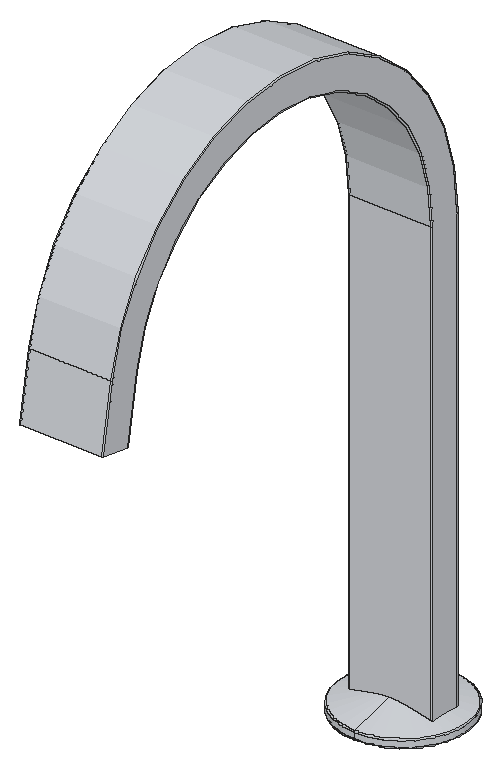
Revit family "Faucet-Bath-KOHLER-Components-K-T77986", category Plumbing Fixtures, host Face, Revit 2015
Parameters (values of type "CP-Polished Chrome")
  Width = 2 3/8"  # constant formula
  Waste Water Outlet = "Waste Water Outlet"  # constant formula
  Waste Connection = 1 = 0  # no
  Vent Connection = 1 = 0  # no
  URL = "https://www.us.kohler.com/us/"
  Type = 1
  Spout Reach = 8"  # constant formula
  Product Page URL = "http://www.us.kohler.com/us/catalog/productDetails.jsp?productNumber=T77986"
  Product Name = "Components"  # constant formula
  Product Documentation Link = "http://www.us.kohler.com/onlinecatalog/pdf/K-T77986_spec.pdf"
  Pressure = 0.00 psi
  Model = if(Type = 1, "K-T77986-CP", if(Type = 2, "K-T77986-BN", if(Type = 3, "K-T77986-BL", if(Type = 4, "K-T77986-TT", "NA"))))  # "K-T77986-CP"
  Material = "Premium Metal Construction"  # constant formula
  MasterFormat 2004 = "22.41.39"  # constant formula
  MasterFormat 1995 = "15410"  # constant formula
  Manufacturer Address = "444 Highland Dr, Kohler, WI 53044"  # constant formula
  Manufacturer = "KOHLER Co."  # constant formula
  Length = 8"  # constant formula
  Hot Water Inlet = "Hot Water Inlet"  # constant formula
  Height = 13 1/16"  # constant formula
  HW Connection = 1 = 0  # no
  Flow Rate = 0 GPM
  Finish = Kohler-Metal-CP-Polished_Chrome
  Environmental Product Declaration = ""
  Drain Included = 1 = 0  # no
  Description = "Bath Faucet Trim"  # constant formula
  Default Elevation = 36"
  Declare Label = ""
  Date Modified = "07/05/2018"  # constant formula
  Date Created = "07/05/2018"  # constant formula
  Copyright = "Copyright KOHLER Co."  # constant formula
  Contact Us = "https://www.us.kohler.com/us/static/contact.jsp"
  Cold Water Inlet = "Cold Water Inlet"  # constant formula
  CW Connection = 1 = 0  # no
  Assembly Code = "D2010"
  ADA Compliant = 1 = 0  # no
Types (4): name | Type | Model | Finish
  (no name) | 1 | "K-T77986-CP" | Kohler-Metal-CP-Polished_Chrome
  CP-Polished Chrome | 1 | "K-T77986-CP" | Kohler-Metal-CP-Polished_Chrome
  BL-Matte Black | 3 | "K-T77986-BL" | Kohler-Metal-BL-Matte_Black
  TT-Vibrant Titanium | 4 | "K-T77986-TT" | Kohler-Metal-TT-Vibrant_Titanium
Reference planes (in)
  plane 1 "Center (Front/Back)": y = 0
  plane 2: z = 0
  plane 3 "Center (Left/Right)": x = 0
  plane 4: x = -1.18748
  plane 5: x = 1.18752
  plane 6: y = -8
  plane 7: z = 13.0625
Dimensions and locks (in)
  "Width": plane 4 to plane 5
  "Height": plane 7 to plane 2
  "Length": plane 1 "Center (Front/Back)" to plane 6
  aligned and locked: plane 2 to host face
  aligned and locked: level to host face
Automatic sketch dimensions
  host sketch curve to host sketch curve = 96"  (x2)
Nested families (in)
  nested 1: "K-T77986" at (0, 0, 0), type "K-T77986"
Definition of nested family "K-T77986"
  Parameters (values of type "K-T77986")
    Material = none
  Reference planes (in)
    plane 1 "Center (Front/Back)": y = 0
    plane 2: z = 0
    plane 3 "Center (Left/Right)": x = 0
    plane 4: z = 13.0625
    plane 5: y = -8
    plane 6: y = 1.1875
    plane 7: y = -1.1875
  Forms (in)
    Revolve 1, solid, material <- "Material", detail levels medium+fine
      sketch origin (0, 0, 0) x (0, 1, 0) y (0, 0, 1)
        loop
          arc (1.16787, 0) -> (1.18174, 0.00574) -> (1.18748, 0.01961) r 0.01961
          line (1.18748, 0.01961) -> (1.18748, 0.13907)
          arc (1.18748, 0.13907) -> (1.18229, 0.15403) -> (1.16896, 0.16258) r 0.02418
          line (1.16896, 0.16258) -> (0, 0.44384) -> (0, 0) -> (1.16787, 0)
        axis (0, 0.44384) -> (0, 0)
      angle from 0 to 360
    Sweep 2, solid, material <- "Material"
      path origin (0, 0, 0) x (0, 1, 0) y (0, 0, 1)
        loop
          line (-7.99646, 8.2879) -> (-7.77964, 9.51752)
          arc (-7.77964, 9.51752) -> (-3.57798, 12.74157) -> (0, 8.83689) r 3.91959
          line (0, 8.83689) -> (0, 0.20307)
      profile origin (0, 0, 4.51998) x (1, 0, 0) y (0, 1, 0)
        loop
          arc (-0.79134, 0.31299) -> (-0.80526, 0.30723) -> (-0.81102, 0.29331) r 0.01969
          line (-0.81102, 0.29331) -> (-0.81102, -0.29331)
          arc (-0.81102, -0.29331) -> (-0.80526, -0.30723) -> (-0.79134, -0.31299) r 0.01969
          line (-0.79134, -0.31299) -> (0.79134, -0.31299)
          arc (0.79134, -0.31299) -> (0.80526, -0.30723) -> (0.81102, -0.29331) r 0.01969
          line (0.81102, -0.29331) -> (0.81102, 0.29331)
          arc (0.81102, 0.29331) -> (0.80526, 0.30723) -> (0.79134, 0.31299) r 0.01969
          line (0.79134, 0.31299) -> (-0.79134, 0.31299)
    Extrusion 3, solid, material <- "Material", detail levels coarse
      sketch origin (0, 0, 0) x (1, 0, 0) y (0, 1, 0)
        loop
          circle (0, 0) r 1.1875
      from 0 to 0.37287
  Lines and regions (in)
    Masking region 1
      outline origin (0, 0, 0) x (0, 1, 0) y (0, 0, 1)
        loop
          arc (1.16787, 0) -> (1.18174, 0.00574) -> (1.18748, 0.01961) r 0.01961
          line (1.18748, 0.01961) -> (1.18748, 0.13907)
          arc (1.18748, 0.13907) -> (1.18229, 0.15403) -> (1.16896, 0.16258) r 0.02418
          line (1.16896, 0.16258) -> (0.31299, 0.36853) -> (0.31299, 8.82934)
          arc (0.31299, 8.82934) -> (-3.5513, 13.04648) -> (-8.08919, 9.56443) r 4.23325
          line (-8.08919, 9.56443) -> (-8.30469, 8.34225) -> (-7.68822, 8.23355) -> (-7.47183, 9.46074)
          arc (-7.47183, 9.46074) -> (-3.60545, 12.42752) -> (-0.31299, 8.83442) r 3.60682
          line (-0.31299, 8.83442) -> (-0.31299, 0.36853) -> (-1.16896, 0.16258)
          arc (-1.16896, 0.16258) -> (-1.18229, 0.15403) -> (-1.18748, 0.13907) r 0.02418
          line (-1.18748, 0.13907) -> (-1.18748, 0.01961)
          arc (-1.18748, 0.01961) -> (-1.18174, 0.00574) -> (-1.16787, 0) r 0.01961
          line (-1.16787, 0) -> (1.16787, 0)
    Masking region 2
      outline origin (0, 0, 0) x (1, 0, 0) y (0, 0, 1)
        loop
          line (-1.16787, 0) -> (0, 0) -> (1.16787, 0)
          arc (1.16787, 0) -> (1.18174, 0.00574) -> (1.18748, 0.01961) r 0.01961
          line (1.18748, 0.01961) -> (1.18748, 0.13907)
          arc (1.18748, 0.13907) -> (1.18229, 0.15403) -> (1.16896, 0.16258) r 0.02418
          line (1.16896, 0.16258) -> (0.81102, 0.2487) -> (0.81102, 13.03745)
          arc (0.81102, 13.03745) -> (0.80369, 13.05516) -> (0.78597, 13.0625) r 0.02505
          line (0.78597, 13.0625) -> (-0.78759, 13.0625)
          arc (-0.78759, 13.0625) -> (-0.80416, 13.05564) -> (-0.81102, 13.03906) r 0.02344
          line (-0.81102, 13.03906) -> (-0.81102, 0.2487) -> (-1.16896, 0.16258)
          arc (-1.16896, 0.16258) -> (-1.18229, 0.15403) -> (-1.18748, 0.13907) r 0.02418
          line (-1.18748, 0.13907) -> (-1.18748, 0.01961)
          arc (-1.18748, 0.01961) -> (-1.18174, 0.00574) -> (-1.16787, 0) r 0.01961
    Masking region 3
      outline origin (0, 0, 0) x (1, 0, 0) y (0, 1, 0)
        loop
          arc (0.81102, -0.86741) -> (0, 1.1875) -> (-0.81102, -0.86741) r 1.1875
          line (-0.81102, -0.86741) -> (-0.81102, -8.28531)
          spline (-0.81102, -8.28531) -> (-0.81086, -8.28784) -> (-0.81035, -8.29032) -> (-0.80953, -8.29273) -> (-0.80839, -8.295) -> (-0.80696, -8.29711) -> (-0.80526, -8.29901) -> (-0.80332, -8.30069) -> (-0.80118, -8.3021) -> (-0.79887, -8.30322) -> (-0.79643, -8.30403) -> (-0.79391, -8.30453) -> (-0.79134, -8.30469)
          line (-0.79134, -8.30469) -> (0.79134, -8.30469)
          spline (0.79134, -8.30469) -> (0.79391, -8.30453) -> (0.79643, -8.30403) -> (0.79887, -8.30322) -> (0.80118, -8.3021) -> (0.80332, -8.30069) -> (0.80526, -8.29901) -> (0.80696, -8.29711) -> (0.80839, -8.295) -> (0.80953, -8.29273) -> (0.81035, -8.29032) -> (0.81086, -8.28784) -> (0.81102, -8.28531)
          line (0.81102, -8.28531) -> (0.81102, -0.86741)
    symbolic lines, detail levels medium+fine
      curve 1: line (0, 1.16896, 0.16258) -> (0, -1.16896, 0.16258)
      curve 2: line (0, -0.31299, 0.20307) -> (0, 0.31299, 0.20307)
      curve 3: line (0, 0.31299, 0.36853) -> (0, 0.31299, 0.20307)
      curve 4: line (0, -0.31299, 0.36853) -> (0, -0.31299, 0.20307)
      curve 5: line (0, 0, 0.44384) -> (-0.81102, 0, 0.2487)
      curve 6: line (0, 0, 0.44384) -> (0.81102, 0, 0.2487)
      curve 7: line (-1.16896, 0, 0.16258) -> (1.16896, 0, 0.16258)
      curve 8: line (0.81102, 0, 8.34225) -> (-0.81102, 0, 8.34225)
      curve 9: line (-0.81102, 0, 8.23355) -> (0.81102, 0, 8.23355)
      curve 10: line (0.79134, 0.31299, 0) -> (-0.79134, 0.31299, 0)
      curve 11: arc (-0.79134, 0.31299, 0) -> (-0.80526, 0.30723, 0) -> (-0.81102, 0.29331, 0) r 0.01969
      curve 12: arc (0.81102, 0.29331, 0) -> (0.80526, 0.30723, 0) -> (0.79134, 0.31299, 0) r 0.01969
      curve 13: line (-0.81102, 0.29331, 0) -> (-0.81102, -0.86741, 0)
      curve 14: line (0.81102, 0.29331, 0) -> (0.81102, -0.86741, 0)
  Dimensions and locks (in)
    plane 4 to plane 2 = 13 1/16"
    plane 1 "Center (Front/Back)" to plane 5 = 8"
    plane 6 to plane 7 = 2 3/8"
    aligned and locked: plane 2 to level
